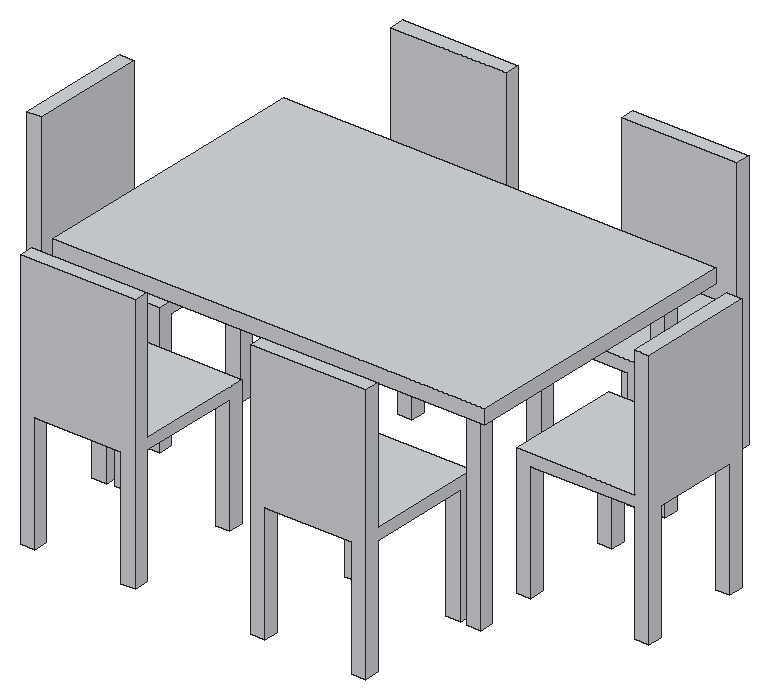
Revit family "Desk Set", category Furniture, Revit 2019
Family settings
  Work Plane-Based = No
  Always vertical = Yes
  Cut with Voids When Loaded = No
  Shared = No
  Room Calculation Point = No
Parameters
  width = 1000 mm
  length = 1500 mm
  chairOnTheTop = yes
  chairOnTheRight = yes
  chairOnTheLeft = yes
  chairOnTheBottom = yes
  chairOffset = 100 mm
Reference planes
  plane 1 "Center (Front/Back)": y = 0
  plane 2: z = 0
  plane 3 "Center (Left/Right)": x = 0
  plane 4: y = 500
  plane 5: y = -500
  plane 6: x = 750
  plane 7: x = -750
Dimensions and locks
  equal spacing: plane 7, plane 3 "Center (Left/Right)", plane 6
  "length": plane 7 to plane 6
  equal spacing: plane 4, plane 1 "Center (Front/Back)", plane 5
  "width": plane 4 to plane 5
  "chairOffset": nested 2 to plane 4
  "chairOffset": nested 3 to plane 7
  "chairOffset": plane 6 to nested 4
  "chairOffset": plane 5 to nested 5
  aligned and locked: level to plane 2
  aligned and locked: plane 3 "Center (Left/Right)" to nested 1
  aligned and locked: plane 1 "Center (Front/Back)" to nested 1
  aligned and locked: plane 3 "Center (Left/Right)" to nested 2
  aligned and locked: nested 3 to plane 1 "Center (Front/Back)"
Nested families
  nested 1: "Desk" at (0, 0, 0), length <- "length", width <- "width", type "Desk"
    with width 1000 mm, length 1500 mm
  nested 2: "Chair Set" at (0, 600, 0), length <- "length", visible <- "chairOnTheTop", type "Chair Set"
    with length 1500 mm, chairSingle no, chairMultiple yes, chairCount 2, _chairCount 2
  nested 3: "Chair Set" at (-850, 0, 0) x (0, 1, 0) z (0, 0, 1), length <- "width", visible <- "chairOnTheLeft", type "Chair Set"
    with length 1000 mm, chairSingle yes, chairMultiple no, chairCount 2, _chairCount 1
  nested 4: "Chair Set" at (850, 0, 0) x (0, 1, 0) z (0, 0, 1), length <- "width", visible <- "chairOnTheRight", type "Chair Set"
    with length 1000 mm, chairSingle yes, chairMultiple no, chairCount 2, _chairCount 1
  nested 5: "Chair Set" at (0, -600, 0), length <- "length", visible <- "chairOnTheBottom", type "Chair Set"
    with length 1500 mm, chairSingle no, chairMultiple yes, chairCount 2, _chairCount 2
Definition of nested family "Desk"
  Parameters (values of type "Desk")
    width [instance] = 1000 mm
    length [instance] = 1500 mm
  Reference planes
    plane 1 "Center (Front/Back)": y = 0
    plane 2 "Bottom": z = 0
    plane 3 "Center (Left/Right)": x = 0
    plane 4: x = -750
    plane 5: x = 750
    plane 6: y = 500
    plane 7: y = -500
    plane 8 "Top": z = 750
  Forms (mm)
    Extrusion 1, solid
      sketch origin (0, 0, 750) x (-1, 0, 0) y (0, -1, 0)
        loop
          line (750, -500) -> (750, 500) -> (-750, 500) -> (-750, -500) -> (750, -500)
      from 0 to -50
  Dimensions and locks
    equal spacing: plane 6, plane 1 "Center (Front/Back)", plane 7
    "width": plane 6 to plane 7
    equal spacing: plane 4, plane 3 "Center (Left/Right)", plane 5
    "length": plane 4 to plane 5
    locked: plane 8 "Top" to plane 2 "Bottom" at 750
    locked: plane 6 to nested 1 at 100
    locked: nested 2 to plane 7 at 100
    locked: nested 2 to plane 5 at 100
    locked: plane 4 to nested 3 at 100
    locked: nested 3 to plane 7 at 100
    locked: plane 6 to nested 4 at 100
    locked: plane 4 to nested 4 at 100
    locked: nested 1 to plane 5 at 100
    aligned and locked: level to plane 2 "Bottom"
    aligned and locked: Extrusion 1 sketch curve to plane 6
    aligned and locked: plane 4 to Extrusion 1 sketch curve
    aligned and locked: plane 7 to Extrusion 1 sketch curve
    aligned and locked: Extrusion 1 sketch curve to plane 5
  Nested families
    nested 1: "Desk_Leg_Rectangular" at (650, 400, 0), type "Desk_Leg_Rectangular"
      with height 700 mm
    nested 2: "Desk_Leg_Rectangular" at (650, -400, 0), type "Desk_Leg_Rectangular"
      with height 700 mm
    nested 3: "Desk_Leg_Rectangular" at (-650, -400, 0), type "Desk_Leg_Rectangular"
      with height 700 mm
    nested 4: "Desk_Leg_Rectangular" at (-650, 400, 0), type "Desk_Leg_Rectangular"
      with height 700 mm
  Definition of nested family "Desk_Leg_Rectangular"
    Parameters
      height [instance] = 250 mm
    Reference planes
      plane 1 "Center (Front/Back)": y = 0
      plane 2: z = 0
      plane 3 "Center (Left/Right)": x = 0
    Forms (mm)
      Extrusion 1, solid
        sketch origin (0, 0, 0) x (1, 0, 0) y (0, 1, 0)
          loop
            line (-25, 25) -> (-25, -25) -> (25, -25) -> (25, 25) -> (-25, 25)
        from 0 to 250 <- "height"
    Dimensions and locks
      aligned and locked: level to plane 2
Definition of nested family "Chair Set"
  Parameters (values of type "Chair Set")
    offset = 350 mm  # constant formula
    length [instance] = 3000 mm
    chairSingle [instance] = _chairCount < 2  # no
    chairMultiple [instance] = not(chairSingle)  # yes
    chairCount [instance] = if(_chairCount < 2, 2, _chairCount)  # 4
    _chairCount [instance] = length / (400 mm + offset)  # 4
  Reference planes
    plane 1 "Center (Front/Back)": y = 0
    plane 2: z = 0
    plane 3 "Center (Left/Right)": x = 0
    plane 4: x = -1500
    plane 5: x = 1500
  Dimensions and locks
    equal spacing: plane 4, plane 3 "Center (Left/Right)", plane 5
    "length": plane 4 to plane 5
    equal spacing: group 1, group 3, group 4, group 2  (x3)
    "offset": plane 4 to nested 2
    "offset": nested 3 to plane 5
    aligned and locked: level to plane 2
    aligned and locked: nested 1 to plane 3 "Center (Left/Right)"
    aligned and locked: plane 1 "Center (Front/Back)" to nested 1
    aligned and locked: plane 1 "Center (Front/Back)" to nested 3
  Nested families
    nested 1: "Chair" at (0, 0, 0) x (0, -1, 0) z (0, 0, 1), visible <- "chairSingle", type "Chair"
    nested 2: "Chair" at (-1150, 0, 0) x (0, -1, 0) z (0, 0, 1), visible <- "chairMultiple", type "Chair"
    nested 3: "Chair" at (1150, 0, 0) x (0, -1, 0) z (0, 0, 1), visible <- "chairMultiple", type "Chair"
    nested 4: "Chair" at (-383.333, 0, 0) x (0, -1, 0) z (0, 0, 1), visible <- "chairMultiple", type "Chair"
    nested 5: "Chair" at (383.333, 0, 0) x (0, -1, 0) z (0, 0, 1), visible <- "chairMultiple", type "Chair"
  Definition of nested family "Chair"
    Reference planes
      plane 1 "Center (Front/Back)": y = 0
      plane 2: z = 0
      plane 3 "Center (Left/Right)": x = 0
      plane 4: x = -230
      plane 5: x = 230
      plane 6: y = 200
      plane 7: y = -200
    Forms (mm)
      Extrusion 1, solid
        sketch origin (0, 0, 0) x (1, 0, 0) y (0, 1, 0)
          loop
            line (-230, 200) -> (-230, -200) -> (230, -200) -> (230, 200) -> (-230, 200)
        from 410 to 450
      Extrusion 2, solid
        sketch origin (0, 0, 0) x (1, 0, 0) y (0, 1, 0)
          loop
            line (230, 200) -> (180, 200) -> (180, 150) -> (230, 150) -> (230, 200)
        from 0 to 410
      Extrusion 3, solid
        sketch origin (0, -350, 0) x (1, 0, 0) y (0, 1, 0)
          loop
            line (230, 200) -> (180, 200) -> (180, 150) -> (230, 150) -> (230, 200)
        from 0 to 410
      Extrusion 4, solid
        sketch origin (-410, 0, 0) x (1, 0, 0) y (0, 1, 0)
          loop
            line (230, 200) -> (180, 200) -> (180, 150) -> (230, 150) -> (230, 200)
        from 0 to 410
      Extrusion 5, solid
        sketch origin (-410, -350, 0) x (1, 0, 0) y (0, 1, 0)
          loop
            line (230, 200) -> (180, 200) -> (180, 150) -> (230, 150) -> (230, 200)
        from 0 to 410
      Extrusion 6, solid
        sketch origin (0, 0, 0) x (1, 0, 0) y (0, 1, 0)
          loop
            line (-230, -200) -> (-180, -200) -> (-180, 200) -> (-230, 200) -> (-230, -200)
        from 450 to 900
    Cuts and joins
      joined: Extrusion 1, Extrusion 2, Extrusion 3, Extrusion 4, Extrusion 5, Extrusion 6
    Dimensions and locks
      aligned and locked: level to plane 2
